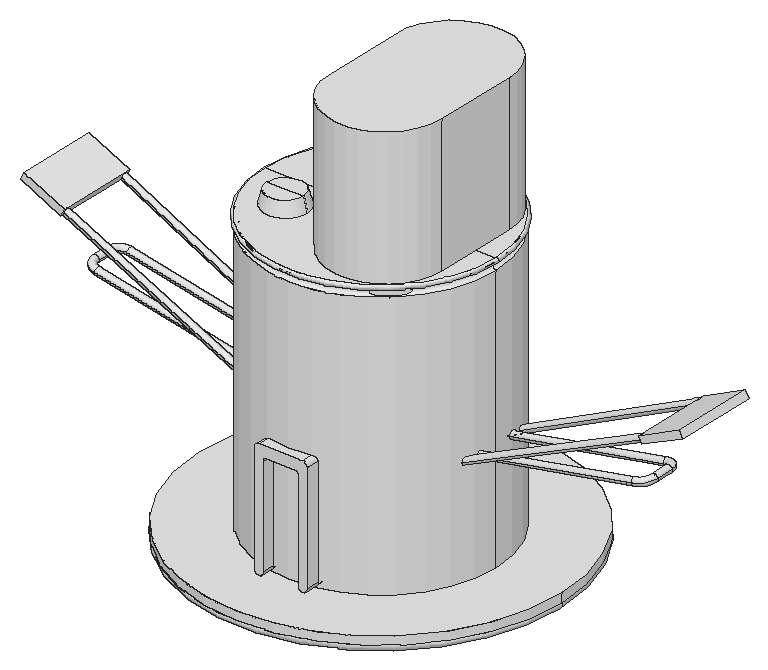
Revit family "42214", category Generic Models, Revit 2015
Parameters
  URL = "www.yepsketch.com"
  Model = "42214"
  Manufacturer = "Zip"
  Author = "Yepsketch"
Reference planes (cm)
  plane 1 "Center (Front/Back)": y = 0
  plane 2: z = 0
  plane 3 "Center (Left/Right)": x = 0
  plane 4: z = 64.7
  plane 5: z = 111.6037
  plane 6: z = 2.7
  plane 7: z = 94.7
  plane 8: x = -40
  plane 9: x = 40
Forms (cm)
  Extrusion 1, solid, material "White"
    sketch origin (0, 0, 0) x (1, 0, 0) y (0, 1, 0)
      loop
        circle (0, 0) r 40
    from 1.4868 to 3.308
  Revolve 2, solid, material "White"
    sketch origin (0, 0, 0) x (1, 0, 0) y (0, 0, 1)
      loop
        line (0, 1.4868) -> (0, 0) -> (39, 0)
        arc (39, 0) -> (39.8959, 0.4771) -> (40, 1.4868) r 1.0797
        line (40, 1.4868) -> (0, 1.4868)
      axis (0, 1.4868) -> (0, 0)
    angle from 0 to 360
  Revolve 3, solid, material "White"
    sketch origin (0, 0, 0) x (1, 0, 0) y (0, 0, 1)
      loop
        line (0, 64.7014) -> (0, 3.308) -> (25.5, 3.308) -> (25.5, 62.2014)
        arc (25.5, 62.2014) -> (24.75, 62.9514) -> (25.5, 63.7014) r 0.75
        arc (25.5, 63.7014) -> (26, 64.2014) -> (25.5, 64.7014) r 0.5
        line (25.5, 64.7014) -> (0, 64.7014)
      axis (0, 64.7014) -> (0, 3.308)
    angle from 0 to 360
  Extrusion 4, solid, material "White"
    sketch origin (0, 0, 0.25) x (1, 0, 0) y (0, 1, 0)
      loop
        arc (-4, -9.2319) -> (8.478, -21.71) -> (20.9561, -9.2319) r 12.478
        line (20.9561, -9.2319) -> (20.9561, 9.3496)
        arc (20.9561, 9.3496) -> (8.478, 21.8276) -> (-4, 9.3496) r 12.478
        line (-4, 9.3496) -> (-4, -9.2319)
    from 61.808 to 94.4292
  Revolve 5, solid, material "White"
    sketch origin (0, 9.5, 0) x (1, 0, 0) y (0, 0, 1)
      loop
        line (-14.7394, 79.6784) -> (-14.7394, 64.1784) -> (-10.7394, 64.1784) -> (-10.7394, 79.6784) -> (-14.7394, 79.6784)
      axis (-14.7394, 79.6784) -> (-14.7394, 64.1784)
    angle from 0 to 360
  Revolve 6, solid, material "White"
    sketch origin (0, -8, 0) x (1, 0, 0) y (0, 0, 1)
      loop
        line (-14.7394, 67.6784) -> (-14.7394, 64.1784) -> (-9.8016, 64.1784) -> (-10.7394, 67.6784) -> (-14.7394, 67.6784)
      axis (-14.7394, 67.6784) -> (-14.7394, 64.1784)
    angle from 0 to 360
  Extrusion 7, solid, material "White"
    sketch origin (0, 0, 0) x (1, 0, 0) y (0, 0, 1)
      loop
        arc (-4.7677, 29.3407) -> (-5.5177, 29.03) -> (-5.8283, 28.28) r 1.0607
        line (-5.8283, 28.28) -> (-5.8283, 4.28)
        arc (-5.8283, 4.28) -> (-4.8283, 3.28) -> (-3.8283, 4.28) r 1
        line (-3.8283, 4.28) -> (-3.8283, 26.28)
        arc (-3.8283, 26.28) -> (-3.6212, 26.78) -> (-3.1212, 26.9871) r 0.7071
        line (-3.1212, 26.9871) -> (3.1212, 26.9871)
        arc (3.1212, 26.9871) -> (3.6212, 26.78) -> (3.8283, 26.28) r 0.7071
        line (3.8283, 26.28) -> (3.8283, 4.28)
        arc (3.8283, 4.28) -> (4.8283, 3.28) -> (5.8283, 4.28) r 1
        line (5.8283, 4.28) -> (5.8283, 28.28)
        arc (5.8283, 28.28) -> (5.5177, 29.03) -> (4.7677, 29.3407) r 1.0607
        line (4.7677, 29.3407) -> (-4.7677, 29.3407)
    from 18.0992 to 27.5869
  Extrusion 8, solid, material "White"
    sketch origin (5.5541, 0, 18.4686) x (0.906308, 0, 0.422618) y (0, 1, 0)
      loop
        line (64.3994, 9.9605) -> (64.3994, -8.0395) -> (74.3994, -8.0395) -> (74.3994, 9.9605) -> (64.3994, 9.9605)
    from -0.7929 to 0.802
  Revolve 9, solid, material "White"
    sketch origin (5.9308, 0, 17.4738) x (0.898794, 0, 0.438371) y (0, 1, 0)
      loop
        line (16.738, 8.7957) -> (64.3994, 8.7957) -> (64.3994, 9.5643) -> (16.738, 9.5643) -> (16.738, 8.7957)
      axis (16.738, 8.7957) -> (64.3994, 8.7957)
    angle from 0 to 360
  Revolve 10, solid, material "White"
    sketch origin (5.5541, 1.6709, 18.4686) x (0.906308, 0, 0.422618) y (0, 1, 0)
      loop
        line (11.0694, -8.7957) -> (11.0694, -9.5643) -> (64.3994, -9.5643) -> (64.3994, -8.7957) -> (11.0694, -8.7957)
      axis (11.0694, -8.7957) -> (64.3994, -8.7957)
    angle from 0 to 360
  Extrusion 11, solid, material "White"
    sketch origin (-5.5541, 0, 18.4686) x (-0.906308, 0, 0.422618) y (0, -1, 0)
      loop
        line (64.3994, -9.9605) -> (74.3994, -9.9605) -> (74.3994, 8.0395) -> (64.3994, 8.0395) -> (64.3994, -9.9605)
    from -0.7929 to 0.802
  Revolve 12, solid, material "White"
    sketch origin (-5.9308, 0, 17.4738) x (-0.898794, 0, 0.438371) y (0, -1, 0)
      loop
        line (16.738, -8.7957) -> (16.738, -9.5643) -> (64.3994, -9.5643) -> (64.3994, -8.7957) -> (16.738, -8.7957)
      axis (16.738, -8.7957) -> (64.3994, -8.7957)
    angle from 0 to 360
  Revolve 13, solid, material "White"
    sketch origin (-5.5541, 1.6709, 18.4686) x (-0.906308, 0, 0.422618) y (0, -1, 0)
      loop
        line (11.0694, 8.7957) -> (64.3994, 8.7957) -> (64.3994, 9.5643) -> (11.0694, 9.5643) -> (11.0694, 8.7957)
      axis (11.0694, 8.7957) -> (64.3994, 8.7957)
    angle from 0 to 360
  Sweep 14, solid, material "White"
    path origin (-3.9774, 0, 23.3212) x (-0.981627, 0, 0.190809) y (0, -1, 0)
      loop
        line (20.9336, -4.8274) -> (56.4336, -4.8274)
        arc (56.4336, -4.8274) -> (58.1836, -4.1025) -> (58.9085, -2.3525) r 2.4749
        line (58.9085, -2.3525) -> (58.9085, 1.6475)
        arc (58.9085, 1.6475) -> (58.1836, 3.3975) -> (56.4336, 4.1224) r 2.4749
        line (56.4336, 4.1224) -> (20.9336, 4.1224)
    profile origin (-41.9502, 4.8274, 30.7023) x (0, -1, 0) y (0.190809, 0, 0.981627)
      loop
        circle (0, 0) r 0.7686
  Sweep 15, solid, material "White"
    path origin (3.9774, 0, 23.3212) x (0.981627, 0, 0.190809) y (0, 1, 0)
      loop
        line (20.9336, 4.8274) -> (56.4336, 4.8274)
        arc (56.4336, 4.8274) -> (58.1836, 4.1025) -> (58.9085, 2.3525) r 2.4749
        line (58.9085, 2.3525) -> (58.9085, -1.6475)
        arc (58.9085, -1.6475) -> (58.1836, -3.3975) -> (56.4336, -4.1224) r 2.4749
        line (56.4336, -4.1224) -> (20.9336, -4.1224)
    profile origin (41.9502, 4.8274, 30.7023) x (0, 1, 0) y (-0.190809, 0, 0.981627)
      loop
        circle (0, 0) r 0.7686
Dimensions and locks (cm)
  plane 6 to level = 2.7 cm
  plane 4 to plane 6 = 62 cm
  plane 7 to plane 4 = 30 cm
  plane 8 to plane 9 = 80 cm
  aligned and locked: level to plane 2
